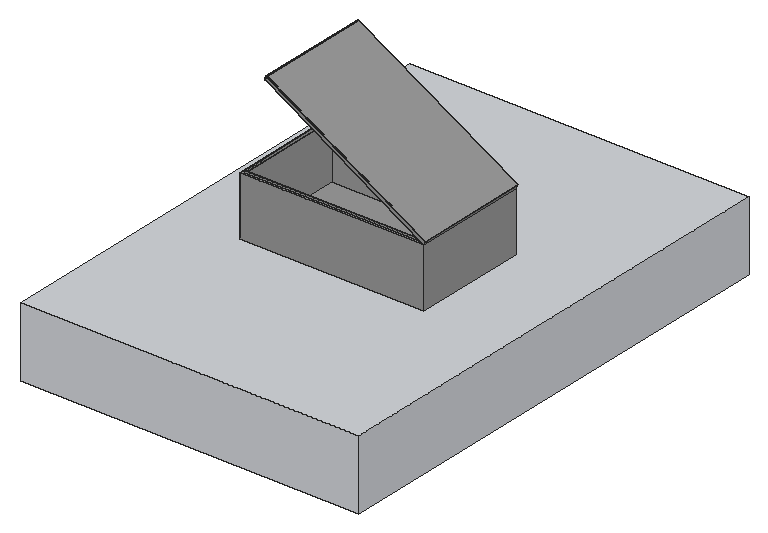
Revit family "Hager-Univers-IP55-D275-H500-Cl.II-Steel_encl-DE-de", category Equipement électrique, Revit 2020
Family settings
  Hôte = Face
  Configuration du panneau = Deux colonnes, circuits au sein
  Cote de connecteur circulaire = Utiliser le diamètre
  Type d'élément = Tableau de raccordement
  Couper avec des vides une fois chargée = Non
  Partagée = Non
  Point de calcul de pièce = Non
Parameters (values of type "Aufputz IP55 B800 H500 T275  - FR33S")
  Width Control [instance] = if([EF000008 - Breite] > Min Width, [EF000008 - Breite], Min Width)  # 800 mm
  Commentaires du type = [HG000003 - Bereich]  # "Univers"
  Thickness Door [instance] = if([EF009171 - Materialstärke Tür/Deckel] > 3 mm, 3 mm, [EF009171 - Materialstärke Tür/Deckel])  # 1.5 mm
  Seal Frame Offset [instance] = 17 mm  # constant formula
  Plinth Visibility [instance] = [HG000027 - Sockelhöhe] > 0 mm  # no
  Model = ""
  Min Width [instance] = 100 mm  # constant formula
  Min Height [instance] = 100 mm  # constant formula
  Min Depth [instance] = (2 * [EF009170 - Materialstärke Gehäuse]) + 1 mm  # 4 mm
  Internal Frame Depth [instance] = (Door System Depth * 0.5)  # 9 mm
  Height Control [instance] = if([EF000040 - Höhe] > Min Height, [EF000040 - Höhe], Min Height)  # 500 mm
  HG000027 - Sockelhöhe = 0 mm
  HG000026 - Stehend auf dem Boden = no
  HG000024 - Höhe des unteren Teils = 800 mm
  HG000023 - Gehäuse mit doppeltem Querschnitt = no
  HG000016 - 3D-Türsichtbarkeit [instance] = yes
  HG000015 - Sichtbarkeit der Türöffnung [instance] = no
  HG000014 - Tür rechts [instance] = yes
  HG000013 - Tür links [instance] = not([HG000014 - Tür rechts])  # no
  HG000012 - Türschwenkwinkel [instance] = 30.00°
  HG000010 - Asymmetrische Türen = no
  HG000009 - Doppelflügeligen Tür = no
  HG000006 - Unterputz = no
  HG000004 - Herstellerreferenz = "FR33S"
  HG000003 - Bereich = "Univers"
  HG000002 - Mit tür = yes
  Frame Offset Bottom [instance] = 10 mm  # constant formula
  Frame Offset [instance] = 15 mm  # constant formula
  EF015940 - Deckel mit Überdruckentlastung = no
  EF011959 - Schutzart (NEMA) = ""
  EF009554 - Anzahl der Öffnungen für Flanschplatten = 6
  Fabricant = "Hager"  # constant formula
  EF009212 - Ausführung Deckel = "EV000116 - geschlossen"
  EF009171 - Materialstärke Tür/Deckel = 1.5 mm
  EF009170 - Materialstärke Gehäuse = 1.5 mm
  EF008873 - Nennstrom (In) = 800 A
  EF007800 - Geeignet für Blitzschutz = no
  EF006306 - Mit Schloss = no
  EF006244 - Transparenter Deckel/Tür = no
  EF005474 - Schutzart (IP) = "EV006420 - IP55"
  EF004464 - Art der Tür = "EV002646 - Einzel"
  EF004427 - Anzahl der Module = 108
  EF004293 - Schlagfestigkeit = "EV008784 - IK10"
  EF003532 - Geeignet für Außengebrauch = no
  EF002950 - Breite in Teilungseinheiten = 24
  EF001613 - Funktionserhalt = "EV000494 - ohne"
  EF001596 - Werkstoff des Gehäuses = "EV000179 - Stahl"
  EF001131 - Innentiefe = 275 mm
  EF001088 - Anbaumöglichkeit = yes
  EF000437 - Anzahl der Leitungseinführungen = 6
  EF000339 - Art der Abdeckung = "EV004216 - Tür"
  EF000266 - Anzahl der Reihen = 3
  EF000218 - Einbautiefe = 0 mm
  EF000118 - Mit Montageplatte = no
  EF000116 - RAL-Nummer = "7035"
  EF000049 - Tiefe = 275 mm
  EF000040 - Höhe = 500 mm
  EF000008 - Breite = 800 mm
  EF000007 - Farbe = "EV000270 - grau"
  EF000003 - Montageart = "EV000384 - Aufputz"
  Door System Leaf Tolerance [instance] = 1.5 mm  # constant formula
  Door System Depth [instance] = 18 mm  # constant formula
  Door Height [instance] = Height Control - [HG000027 - Sockelhöhe]  # 500 mm
  Depth Control [instance] = if([EF000049 - Tiefe] > Min Depth, [EF000049 - Tiefe], Min Depth)  # 275 mm
  Default Elevation = 0 mm
  Connector Offset [instance] = Height Control / 2  # 250 mm
  Bottom Top Plate Trim [instance] = 1.5 mm  # constant formula
  Plinth height Ctrl [instance] = if([HG000027 - Sockelhöhe] > 0 mm, [HG000027 - Sockelhöhe], 12 mm)  # 12 mm
Types (5, lengths in mm): name | Width Control | HG000010 - Asymmetrische Türen | HG000009 - Doppelflügeligen Tür | HG000004 - Herstellerreferenz | EF009554 - Anzahl der Öffnungen für Flanschplatten | EF004464 - Art der Tür | EF004427 - Anzahl der Module | EF000437 - Anzahl der Leitungseinführungen | EF000008 - Breite
  Aufputz IP55 B1050 H500 T275  - FR34S | 1050 | no | yes | "FR34S" | 8 | "EV003602 - Doppel" | 144 | 8 | 1050
  Aufputz IP55 B1300 H500 T275  - FR35S | 1300 | yes | yes | "FR35S" | 10 | "EV003602 - Doppel" | 180 | 10 | 1300
  Aufputz IP55 B300 H500 T275  - FR31S | 300 | no | no | "FR31S" | 2 | "EV002646 - Einzel" | 36 | 2 | 300
  Aufputz IP55 B550 H500 T275  - FR32S | 550 | no | no | "FR32S" | 4 | "EV002646 - Einzel" | 72 | 4 | 550
  Aufputz IP55 B800 H500 T275  - FR33S | 800 | no | no | "FR33S" | 6 | "EV002646 - Einzel" | 108 | 6 | 800
Reference planes
  plane 1 "Center (Front/Back)": y = 0
  plane 2: z = 0
  plane 3 "Center (Left/Right)": x = 0
  plane 4: z = 275
  plane 5: y = 1.5
  plane 6: y = 250
  plane 7: y = 0
  plane 8: y = 500
  plane 9: z = 0
  plane 10: x = -385
  plane 11: x = 385
  plane 12: x = 383.5
  plane 13: x = -383.5
  plane 14: y = 498.5
  plane 15: x = -383
  plane 16: x = -400
  plane 17: x = 383
  plane 18: x = 400
  plane 19: x = 398.5
  plane 20: x = -398.5
  plane 21: y = 11.5
  plane 22: y = 500
  plane 23: y = 483.5
  plane 24: z = 257
  plane 25: z = 1.5
  plane 26: z = 255.5
  plane 27: z = 273.5
Forms (mm)
  Extrusion 1, solid
    sketch origin (0, 0, 0) x (1, 0, 0) y (0, 1, 0)
      loop
        line (-702.964, 1305) -> (-702.964, -811.445) -> (766.763, -811.445) -> (766.763, 1305) -> (-702.964, 1305)
    from 0 to -304.8
  Extrusion 2, solid, material "Hager_Steel_RAL7035_Light_Grey", visible <- "Plinth Visibility", detail levels medium+fine
    sketch origin (0, 0, 0) x (1, 0, 0) y (0, 1, 0)
      loop
        line (-400, 0) -> (400, 0) -> (400, 12) -> (-400, 12) -> (-400, 0)
    from 0 to 257
  Extrusion 3, solid, material "Hager_Steel_RAL7035_Light_Grey", detail levels medium+fine
    sketch origin (0, 0, 0) x (1, 0, 0) y (0, 1, 0)
      loop
        line (-400, 0) -> (400, 0) -> (400, 500) -> (-400, 500) -> (-400, 0)
    from 0 to 257
  Extrusion 4, void
    sketch origin (0, 0, 0) x (1, 0, 0) y (0, 1, 0)
      loop
        line (-398.5, 1.5) -> (398.5, 1.5) -> (398.5, 498.5) -> (-398.5, 498.5) -> (-398.5, 1.5)
    from 1.5 to 255.5
  Extrusion 5, void
    sketch origin (-381.607, -4572, 257) x (0, -1, 0) y (-1, 0, 0)
      loop
        line (-4583.5, 1.893) -> (-5055.5, 1.893) -> (-5055.5, -765.107) -> (-4583.5, -765.107) -> (-4583.5, 1.893)
    from 0 to 1.5 <- "EF009170 - Materialstärke Gehäuse"
  Extrusion 6, solid, material "Hager_Steel_RAL7035_Light_Grey", detail levels fine
    sketch origin (0, 0, 257) x (1, 0, 0) y (0, 1, 0)
      loop
        line (-383.5, 483.5) -> (-383.5, 11.5) -> (383.5, 11.5) -> (383.5, 483.5) -> (-383.5, 483.5)
      loop
        line (-385, 10) -> (385, 10) -> (385, 485) -> (-385, 485) -> (-385, 10)
    from 0 to 9 <- "Internal Frame Depth"
  Extrusion 7, solid, material "Hager_Steel_RAL7035_Light_Grey", detail levels coarse
    sketch origin (0, 0, 0) x (1, 0, 0) y (0, 1, 0)
      loop
        line (-400, 0) -> (400, 0) -> (400, 500) -> (-400, 500) -> (-400, 0)
    from 0 to 275
  Sweep 8, void
    path in 3D
      loop
        line (-400, 12, 0) -> (400, 12, 0) -> (400, 12, 257) -> (-400, 12, 257) -> (-400, 12, 0)
    profile origin (-400, 12, 128.5) x (-1, 0, 0) y (0, -1, 0)
      loop
        line (0, 0) -> (0, 1.5) -> (-1.5, 1.5)
        arc (-1.5, 1.5) -> (-1.061, 0.439) -> (0, 0) r 1.5
Cuts and joins
  Extrusion 4, Extrusion 5 cuts Extrusion 3
  Sweep 8 cuts Extrusion 2
Lines and regions (mm)
  Masking region 1
    outline origin (0, 0, 0) x (1, 0, 0) y (0, 0, 1)
      loop
        line (-400, 275) -> (-400, 0) -> (400, 0) -> (400, 275) -> (-400, 275)
  Masking region 2, detail levels medium+fine
    outline origin (0, 140, 0) x (0, 1, 0) y (0, 0, 1)
      loop
        line (-140, 0) -> (360, 0) -> (360, 257) -> (-140, 257) -> (-140, 0)
  Masking region 3, not visible, detail levels medium+fine
    outline origin (0, 297.922, 0) x (0, 1, 0) y (0, 0, 1)
      loop
        line (-36.422, 0) -> (3.578, 0) -> (3.578, 263.5)
        arc (3.578, 263.5) -> (0.649, 270.571) -> (-6.422, 273.5) r 10
        line (-6.422, 273.5) -> (-36.422, 273.5) -> (-36.422, 0)
  Masking region 4, detail levels coarse
    outline origin (0, 0, 180) x (0, 1, 0) y (0, 0, 1)
      loop
        line (0, -180) -> (500, -180) -> (500, 95) -> (0, 95) -> (0, -180)
  Masking region 5, visible <- "Plinth Visibility", detail levels medium+fine
    outline origin (0, 52.24, 12.345) x (0, 0, -1) y (0, 1, 0)
      loop
        line (10.845, -40.24) -> (-243.155, -40.24)
        arc (-243.155, -40.24) -> (-243.594, -41.301) -> (-244.655, -41.74) r 1.5
        line (-244.655, -41.74) -> (-244.655, -52.24) -> (12.345, -52.24) -> (12.345, -41.74)
        arc (12.345, -41.74) -> (11.285, -41.301) -> (10.845, -40.24) r 1.5
  Masking region 6, detail levels medium+fine
    outline origin (-381.607, -4572, 257) x (-1, 0, 0) y (0, -1, 0)
      loop
        line (18.393, -5072) -> (18.393, -4572) -> (-781.607, -4572) -> (-781.607, -5072) -> (18.393, -5072)
  Masking region 7, visible <- "Plinth Visibility", detail levels medium+fine
    outline origin (-381.607, -4727, 257) x (-1, 0, 0) y (0, -1, 0)
      loop
        arc (16.893, -4739) -> (17.332, -4737.939) -> (18.393, -4737.5) r 1.5
        line (18.393, -4737.5) -> (18.393, -4727) -> (-781.607, -4727) -> (-781.607, -4737.5)
        arc (-781.607, -4737.5) -> (-780.546, -4737.939) -> (-780.107, -4739) r 1.5
        line (-780.107, -4739) -> (16.893, -4739)
  Masking region 8, detail levels coarse
    outline origin (-442.548, -4669.526, 257) x (-1, 0, 0) y (0, -1, 0)
      loop
        line (-42.548, -5169.526) -> (-42.548, -4669.526) -> (-842.548, -4669.526) -> (-842.548, -5169.526) -> (-42.548, -5169.526)
  sketch lines
    curve 1: line (-400, 12, 257) -> (-400, 12, 0)
    curve 2: line (400, 12, 257) -> (-400, 12, 257)
    curve 3: line (400, 12, 257) -> (400, 12, 0)
    curve 4: line (-400, 12, 0) -> (400, 12, 0)
Dimensions and locks
  "Depth Control": plane 4 to Extrusion 1
  "HG000027 - Sockelhöhe": plane 1 "Center (Front/Back)" to plane 7
  "EF009170 - Materialstärke Gehäuse": plane 5 to plane 7
  locked: connector elem to plane 3 "Center (Left/Right)"
  equal spacing: plane 8, plane 6, plane 7
  locked: connector elem to plane 6
  "EF009170 - Materialstärke Gehäuse": plane 8 to plane 14
  "EF009170 - Materialstärke Gehäuse": plane 10 to plane 13
  "EF009170 - Materialstärke Gehäuse": plane 12 to plane 11
  "Frame Offset": plane 20 to plane 13
  "Frame Offset": plane 12 to plane 19
  "EF009170 - Materialstärke Gehäuse": plane 16 to plane 20
  "EF009170 - Materialstärke Gehäuse": plane 19 to plane 18
  "Seal Frame Offset": plane 16 to plane 15
  "Seal Frame Offset": plane 17 to plane 18
  "Frame Offset Bottom": plane 21 to plane 5
  "Frame Offset": plane 14 to plane 23
  equal spacing: plane 16, plane 3 "Center (Left/Right)", plane 18
  "Width Control": plane 16 to plane 18
  "EF009170 - Materialstärke Gehäuse": plane 4 to plane 27
  "EF009170 - Materialstärke Gehäuse": plane 24 to plane 26
  "EF009170 - Materialstärke Gehäuse": plane 25 to level
  "Door System Depth": plane 4 to plane 24
  "Height Control": plane 1 "Center (Front/Back)" to Extrusion 7 sketch curve
  "Height Control": Masking region 4 sketch curve to plane 1 "Center (Front/Back)"
  "Height Control": plane 1 "Center (Front/Back)" to plane 22
  "Bottom Top Plate Trim": profile plane to Sweep 8 sketch curve
  "Bottom Top Plate Trim": Sweep 8 sketch curve to profile plane
  "Plinth height Ctrl": plane 1 "Center (Front/Back)" to Extrusion 2 sketch curve
  "Plinth height Ctrl": Masking region 5 sketch curve to plane 1 "Center (Front/Back)"
  "Plinth height Ctrl": plane 1 "Center (Front/Back)" to Masking region 7 sketch curve
  "Thickness Door": Extrusion 6 sketch curve to Extrusion 6 sketch curve  (x3)
  "Thickness Door": cut or joined group of Extrusion 3, Extrusion 4, Extrusion 5 to Extrusion 6 sketch curve
  radius of Masking region 3 sketch curve = 10 mm
  "Bottom Top Plate Trim": radius of Masking region 5 sketch curve  (x2)
  "Bottom Top Plate Trim": radius of Sweep 8 sketch curve
  "Bottom Top Plate Trim": radius of Masking region 7 sketch curve  (x2)
  aligned and locked: plane 2 to Extrusion 1
  aligned and locked: level to Extrusion 1
  aligned and locked: level to Masking region 1 sketch curve
  aligned and locked: Masking region 1 sketch curve to plane 18
  aligned and locked: Masking region 1 sketch curve to plane 16
  aligned and locked: plane 7 to Masking region 2 sketch curve
  aligned and locked: level to Masking region 3 sketch curve
  aligned and locked: Masking region 3 sketch curve to plane 27
  aligned and locked: level to Masking region 2 sketch curve
  aligned and locked: plane 1 "Center (Front/Back)" to Extrusion 2 sketch curve
  aligned and locked: Extrusion 3 sketch curve to plane 7
  aligned and locked: plane 16 to Extrusion 3 sketch curve
  aligned and locked: plane 18 to Extrusion 3 sketch curve
  aligned and locked: plane 20 to Extrusion 4 sketch curve
  aligned and locked: plane 19 to Extrusion 4 sketch curve
  aligned and locked: Extrusion 4 sketch curve to plane 5
  aligned and locked: Extrusion 4 to plane 25
  aligned and locked: plane 26 to Extrusion 4
  aligned and locked: plane 24 to Extrusion 3
  aligned and locked: Extrusion 5 sketch curve to plane 21
  aligned and locked: Extrusion 5 sketch curve to plane 13
  aligned and locked: Extrusion 5 sketch curve to plane 12
  aligned and locked: plane 18 to Extrusion 7 sketch curve
  aligned and locked: plane 1 "Center (Front/Back)" to Extrusion 7 sketch curve
  aligned and locked: plane 16 to Extrusion 7 sketch curve
  aligned and locked: plane 4 to Extrusion 7
  aligned and locked: Extrusion 7 to level
  aligned and locked: level to Masking region 4 sketch curve
  aligned and locked: Masking region 4 sketch curve to plane 1 "Center (Front/Back)"
  aligned and locked: Masking region 4 sketch curve to plane 4
  aligned and locked: nested 1 to level
  aligned and locked: nested 1 to plane 16
  aligned and locked: plane 8 to Extrusion 3 sketch curve
  aligned and locked: plane 23 to Extrusion 5 sketch curve
  aligned and locked: plane 14 to Extrusion 4 sketch curve
  aligned and locked: Masking region 2 sketch curve to plane 8
  aligned and locked: level to Masking region 5 sketch curve
  aligned and locked: plane 16 to Extrusion 2 sketch curve
  aligned and locked: plane 18 to Extrusion 2 sketch curve
  aligned and locked: Masking region 5 sketch curve to plane 24
  aligned and locked: Masking region 2 sketch curve to plane 24
  aligned and locked: plane 24 to Extrusion 2
  aligned and locked: profile plane to Sweep 8 sketch curve  (x2)
  aligned and locked: Masking region 6 sketch curve to plane 18
  aligned and locked: Masking region 6 sketch curve to plane 22
  aligned and locked: Masking region 6 sketch curve to plane 16
  aligned and locked: plane 8 to plane 22
  aligned and locked: Masking region 6 sketch curve to plane 7
  aligned and locked: Masking region 7 sketch curve to plane 16
  aligned and locked: Masking region 7 sketch curve to plane 1 "Center (Front/Back)"
  aligned and locked: Masking region 7 sketch curve to plane 18
  aligned and locked: Masking region 8 sketch curve to plane 1 "Center (Front/Back)"
  aligned and locked: Masking region 8 sketch curve to plane 18
  aligned and locked: Masking region 8 sketch curve to plane 22
  aligned and locked: Masking region 8 sketch curve to plane 16
  aligned and locked: nested 2 to plane 7
  aligned and locked: plane 3 "Center (Left/Right)" to nested 2
  aligned and locked: nested 2 to plane 24
  aligned and locked: Extrusion 6 sketch curve to cut or joined group of Extrusion 3, Extrusion 4, Extrusion 5  (x4)
Automatic sketch dimensions
  Extrusion 1 sketch curve to Extrusion 1 sketch curve = 1469.727 mm
  Extrusion 1 sketch curve to Extrusion 1 sketch curve = 2116.445 mm
  Masking region 1 sketch curve to plane 4 = 0 mm
  plane 6 to Masking region 3 sketch curve = 11.5 mm
  Masking region 3 sketch curve to Masking region 3 sketch curve = 30 mm
  Masking region 5 sketch curve to plane 1 "Center (Front/Back)" = 0 mm
Nested families
  nested 1: "Hager_Enclosure_Symbol" at (-400, 0, 0) x (1, 0, 0) z (0, -1, 0), Height <- "Depth Control", Width <- "Width Control", type "Hager_Enclosure_Symbol"
    with Width_Ctrl 800 mm, Width 800 mm, Height_Ctrl 275 mm, Height 275 mm, A_Width_Int 18.047 mm, A_Width 216.562 mm, A_Height_Ctrl 240.625 mm, A_Height 240.625 mm
  nested 2: "EC000058_Univers_Door" at (0, 0, 257) x (1, 0, 0) z (0, 1, 0), Leaf_Tolerance <- "Door System Leaf Tolerance", Angle <- "HG000012 - Türschwenkwinkel", Door_Depth <- "Door System Depth", Door_Left <- "HG000013 - Tür links", Transparent <- "EF006244 - Transparenter Deckel/Tür", Assymetrical <- "HG000010 - Asymmetrische Türen", Width <- "Width Control", Clearance <- "HG000015 - Sichtbarkeit der Türöffnung", Double <- "HG000009 - Doppelflügeligen Tür", 3d_Door <- "HG000016 - 3D-Türsichtbarkeit", Lock_Visibility <- "EF006306 - Mit Schloss", Width_Ctrl <- "Width Control", Door_Right <- "HG000014 - Tür rechts", Door <- "HG000002 - Mit tür", Height <- "Door Height", Thickness <- "Thickness Door", type "EC000058_Univers_Door", detail levels medium+fine
    with min_wh 4 mm, Width_Ctrl 800 mm, Width 800 mm, Transparent no, Thickness 1.5 mm, Seal_Material Hager_Rubber, Lock_Visibility no, Lock_Material Hager_Plastic_RAL9005_Jet_Black, Leaf_Width 800 mm, Leaf_Tolerance_External_Sides 0 mm, Leaf_Tolerance 1.5 mm, Leaf_Offset 0 mm, Leaf_Height 497 mm, Leaf_2_Width 800 mm, Leaf_2_Offset 400 mm, Leaf_1_Width 800 mm, Leaf_1_Offset 400 mm, Height_Ctrl 500 mm, Height 500 mm, Glass_Material Hager_Glass, Double_Clearance_Ctrl no, Double no, Door_Right_Ctrl yes, Door_Right yes, Door_Material Hager_Steel_RAL7035_Light_Grey, Door_Left_Ctrl no, Door_Left no, Door_Depth 18 mm, Door yes, Clearance_Material Hager_Clearance, Clearance_Depth 800 mm, Clearance_Ctrl no, Clearance no, Assymetrical no, Angle 30.00°, 3d_Door yes
Connectors
  electrical at (0, 250, 0)
    settings: on plane 9, index 1, voltage 0 V, apparent load 0 VA, apparent load phase1 0 VA, apparent load phase2 0 VA, apparent load phase3 0 VA, power factor 1, load classification "Other", number of poles 1, system type 30, power factor state 1, is connector primary yes, connector utility no, sub classification motor no, connector description ""
Definition of nested family "EC000058_Univers_Door"
  Parameters (values of type "EC000058_Univers_Door")
    min_wh [instance] = (2 * Thickness) + 1 mm  # 11 mm
    Width_Ctrl [instance] = 400 mm
    Width [instance] = 500 mm
    Transparent [instance] = yes
    Thickness [instance] = 5 mm
    Seal_Material [instance] = none
    Lock_Visibility [instance] = yes
    Lock_Material [instance] = none
    Leaf_Width [instance] = if((Width_Ctrl - 2 * Leaf_Tolerance_External_Sides) > 0 mm, (Width_Ctrl - 2 * Leaf_Tolerance_External_Sides), min_wh)  # 400 mm
    Leaf_Tolerance_External_Sides [instance] = 0 mm  # constant formula
    Leaf_Tolerance [instance] = 1.5 mm
    Leaf_Offset [instance] = 0 mm  # constant formula
    Leaf_Height [instance] = if((Height_Ctrl - 2 * Leaf_Tolerance) > 0 mm, (Height_Ctrl - 2 * Leaf_Tolerance), min_wh)  # 497 mm
    Leaf_2_Width [instance] = if(and(and(Double, Assymetrical), Door_Left), (Leaf_Width / 3) - (Leaf_Tolerance / 2), if(and(and(Double, Assymetrical), Door_Right), (Leaf_Width / 3) * 2 - (Leaf_Tolerance / 2), if(and(Double, not(Assymetrical)), (Leaf_Width / 2) - Leaf_Tolerance, Leaf_Width)))  # 400 mm
    Leaf_2_Offset [instance] = if(and(Double, Assymetrical), Leaf_2_Width / 2, if(and(Double, not(Assymetrical)), Leaf_Width / 4, Leaf_Width / 2))  # 200 mm
    Leaf_1_Width [instance] = if(and(and(Double, Assymetrical), Door_Right), (Leaf_Width / 3) - (Leaf_Tolerance / 2), if(and(and(Double, Assymetrical), Door_Left), (Width / 3) * 2 - (Leaf_Tolerance / 2), if(and(Double, not(Assymetrical)), (Leaf_Width / 2) - Leaf_Tolerance, Leaf_Width)))  # 400 mm
    Leaf_1_Offset [instance] = if(and(Double, Assymetrical), Leaf_1_Width / 2, if(and(Double, not(Assymetrical)), Leaf_Width / 4, Leaf_Width / 2))  # 200 mm
    Height_Ctrl [instance] = if(Height > min_wh, Height, min_wh)  # 500 mm
    Height [instance] = 500 mm
    Glass_Material [instance] = none
    Double_Clearance_Ctrl [instance] = and(Double, Clearance)  # no
    Double [instance] = no
    Door_Right_Ctrl [instance] = and(or(Door_Right, Double), Door)  # yes
    Door_Right [instance] = yes
    Door_Material [instance] = none
    Door_Left_Ctrl [instance] = and(or(Door_Left, Double), Door)  # no
    Door_Left [instance] = no
    Door_Depth [instance] = 30 mm
    Door [instance] = yes
    Default Elevation = 1219.2 mm
    Clearance_Material [instance] = none
    Clearance_Depth [instance] = if(Leaf_1_Width > Leaf_2_Width, Leaf_1_Width, Leaf_2_Width)  # 400 mm
    Clearance_Ctrl [instance] = and(not(Double), Clearance)  # yes
    Clearance [instance] = yes
    Assymetrical [instance] = yes
    Angle [instance] = 30.00°
    3d_Door [instance] = yes
  Reference planes
    plane 1 "Center (Front/Back)": y = 0
    plane 2 "Bottom": z = 0
    plane 3 "Center (Left/Right)": x = 0
    plane 4: z = 500
    plane 5: x = -200
    plane 6: x = 200
    plane 7: z = 500
    plane 8: x = -200
    plane 9: z = 0
    plane 10: x = 200
    plane 11: y = 0
    plane 12: z = 1.5
    plane 13: x = -600
    plane 14: y = -400
    plane 15: x = 600
    plane 16: x = 0
    plane 17: x = 0
    plane 18: x = -200
    plane 19: x = 200
    plane 20: z = 498.5
  Forms (mm)
    Extrusion 1, solid, material <- "Clearance_Material", visible <- "Double_Clearance_Ctrl"
      sketch origin (1200, 0, 0) x (1, 0, 0) y (0, 0, -1)
        loop
          line (-1800, -498.5) -> (-600, -498.5) -> (-600, 0) -> (-1800, 0) -> (-1800, -498.5)
      from 0 to -400
  Dimensions and locks
    equal spacing: plane 5, plane 3 "Center (Left/Right)", plane 6
    "Width_Ctrl": plane 5 to plane 6
    "Leaf_Offset": plane 5 to plane 8
    "Leaf_Offset": plane 6 to plane 10
    "Leaf_Offset": plane 9 to level
    "Leaf_Offset": plane 4 to plane 7
    "Height_Ctrl": plane 4 to level
    "Leaf_Tolerance": plane 12 to plane 9
    locked: plane 11 to plane 1 "Center (Front/Back)"
    "Leaf_1_Offset": plane 18 to plane 16
    "Leaf_2_Offset": plane 17 to plane 19
    "Leaf_1_Width": plane 13 to plane 8
    "Leaf_2_Width": plane 10 to plane 15
    "Clearance_Depth": plane 14 to plane 1 "Center (Front/Back)"
    "Leaf_Tolerance_External_Sides": plane 8 to plane 18
    "Leaf_Tolerance_External_Sides": plane 19 to plane 10
    "Leaf_Tolerance": plane 7 to plane 20
    aligned and locked: level to plane 2 "Bottom"
    aligned and locked: nested 1 to plane 16
    aligned and locked: nested 2 to plane 17
    aligned and locked: Extrusion 1 to plane 13
    aligned and locked: plane 15 to Extrusion 1
    aligned and locked: Extrusion 1 to plane 14
    aligned and locked: plane 12 to nested 1
    aligned and locked: nested 2 to plane 12
    aligned and locked: Extrusion 1 to plane 11
    aligned and locked: plane 20 to Extrusion 1
    aligned and locked: nested 2 to plane 11
    aligned and locked: nested 1 to plane 11
  Automatic sketch dimensions
    Extrusion 1 sketch curve to level = 0 mm
    plane 5 to Extrusion 1 sketch curve = 400 mm
    plane 6 to Extrusion 1 sketch curve = 400 mm
    Extrusion 1 sketch curve to plane 4 = 1.5 mm
  Nested families
    nested 1: "EC000058_Univers_Door_Leaf" at (0, 0, 1.5), Width <- "Leaf_1_Width", visible <- "Door_Left_Ctrl", Leaf_Height <- "Leaf_Height", Angle <- "Angle", 3d_Door <- "3d_Door", Transparent <- "Transparent", Clearance Material <- "Clearance_Material", Clearance <- "Clearance_Ctrl", Door_Material <- "Door_Material", Glass_Material <- "Glass_Material", Door_Depth <- "Door_Depth", Lock_Material <- "Lock_Material", Seal_Material <- "Seal_Material", Lock_Visibility <- "Lock_Visibility", Thickness <- "Thickness", type "EC000058_Univers_Door_Leaf"
      with Width 400 mm, Transparent_Glass_Offset 30 mm, Transparent_Ctrl yes, Transparent yes, Thickness 5 mm, Standard no, Seal_Material none, Seal_D2 8 mm, Seal_D1 1 mm, Offset_Internal_Frame 10 mm, Lock_Width 20 mm, Lock_Visibility_3d yes, Lock_Visibility yes, Lock_Thickness_3 3 mm, Lock_Thickness_2 1 mm, Lock_Thickness_1 3 mm, Lock_Radius_Offset_2 16 mm, Lock_Radius_Offset_1 15 mm, Lock_Radius_2 5 mm, Lock_Radius 6 mm, Lock_Offset 5 mm, Lock_Material none, Lock_Height 80 mm, Lock_Cover_Top_Offset_2d 17 mm, Lock_Cover_Height -65 mm, Leaf_Height 497 mm, Internal_Seal_Thickness 8 mm, Internal_Seal_Depth_2 4.5 mm, Internal_Frame_Depth 25 mm, Glass_Thickness -1 mm, Glass_Offset -2 mm, Glass_Material none, Door_Material none, Door_Depth 30 mm, Clearance Material none, Clearance yes, Angle_Ctrl 30.00°, Angle 30.00°, 3d_Door yes
    nested 2: "EC000058_Univers_Door_Leaf" at (0, 0, 1.5) x (-1, 0, 0) z (0, 0, 1), Width <- "Leaf_2_Width", visible <- "Door_Right_Ctrl", Leaf_Height <- "Leaf_Height", Angle <- "Angle", 3d_Door <- "3d_Door", Transparent <- "Transparent", Clearance Material <- "Clearance_Material", Clearance <- "Clearance_Ctrl", Door_Material <- "Door_Material", Glass_Material <- "Glass_Material", Door_Depth <- "Door_Depth", Lock_Material <- "Lock_Material", Seal_Material <- "Seal_Material", Lock_Visibility <- "Lock_Visibility", Thickness <- "Thickness", type "EC000058_Univers_Door_Leaf"
      with Width 400 mm, Transparent_Glass_Offset 30 mm, Transparent_Ctrl yes, Transparent yes, Thickness 5 mm, Standard no, Seal_Material none, Seal_D2 8 mm, Seal_D1 1 mm, Offset_Internal_Frame 10 mm, Lock_Width 20 mm, Lock_Visibility_3d yes, Lock_Visibility yes, Lock_Thickness_3 3 mm, Lock_Thickness_2 1 mm, Lock_Thickness_1 3 mm, Lock_Radius_Offset_2 16 mm, Lock_Radius_Offset_1 15 mm, Lock_Radius_2 5 mm, Lock_Radius 6 mm, Lock_Offset 5 mm, Lock_Material none, Lock_Height 80 mm, Lock_Cover_Top_Offset_2d 17 mm, Lock_Cover_Height -65 mm, Leaf_Height 497 mm, Internal_Seal_Thickness 8 mm, Internal_Seal_Depth_2 4.5 mm, Internal_Frame_Depth 25 mm, Glass_Thickness -1 mm, Glass_Offset -2 mm, Glass_Material none, Door_Material none, Door_Depth 30 mm, Clearance Material none, Clearance yes, Angle_Ctrl 30.00°, Angle 30.00°, 3d_Door yes
  Definition of nested family "EC000058_Univers_Door_Leaf"
    Parameters (values of type "EC000058_Univers_Door_Leaf")
      Width [instance] = 2000 mm
      Transparent_Glass_Offset [instance] = 30 mm
      Transparent_Ctrl [instance] = and(Transparent, [3d_Door])  # yes
      Transparent [instance] = yes
      Thickness [instance] = 5 mm
      Standard [instance] = and(not(Transparent), [3d_Door])  # no
      Seal_Material [instance] = none
      Seal_D2 [instance] = 8 mm  # constant formula
      Seal_D1 [instance] = 1 mm  # constant formula
      Offset_Internal_Frame [instance] = 10 mm  # constant formula
      Lock_Width [instance] = 20 mm  # constant formula
      Lock_Visibility_3d [instance] = and(Lock_Visibility, [3d_Door])  # yes
      Lock_Visibility [instance] = yes
      Lock_Thickness_3 [instance] = 3 mm  # constant formula
      Lock_Thickness_2 [instance] = 1 mm  # constant formula
      Lock_Thickness_1 [instance] = 3 mm  # constant formula
      Lock_Radius_Offset_2 [instance] = Lock_Radius_Offset_1 + 1 mm  # 16 mm
      Lock_Radius_Offset_1 [instance] = 15 mm  # constant formula
      Lock_Radius_2 [instance] = Lock_Radius - 1 mm  # 5 mm
      Lock_Radius [instance] = 6 mm  # constant formula
      Lock_Offset [instance] = 5 mm  # constant formula
      Lock_Material [instance] = none
      Lock_Height [instance] = 80 mm  # constant formula
      Lock_Cover_Top_Offset_2d [instance] = Lock_Radius_Offset_2 + 1 mm  # 17 mm
      Lock_Cover_Height [instance] = -(Lock_Height - Lock_Radius_Offset_1)  # -65 mm
      Leaf_Height [instance] = 2720.336 mm
      Internal_Seal_Thickness [instance] = 8 mm  # constant formula
      Internal_Seal_Depth_2 [instance] = 4.5 mm  # constant formula
      Internal_Frame_Depth [instance] = if(Door_Depth - Thickness > 5 mm, Door_Depth - Thickness, 5 mm)  # 25 mm
      Glass_Thickness [instance] = if(Thickness > 15 mm, Glass_Offset + 10 mm, -1 mm)  # -1 mm
      Glass_Offset [instance] = if(Thickness > 15 mm, -(Thickness + 10 mm) / 2, -2 mm)  # -2 mm
      Glass_Material [instance] = none
      Door_Material [instance] = none
      Door_Depth [instance] = 30 mm
      Default Elevation = 0 mm
      Clearance Material [instance] = none
      Clearance [instance] = yes
      Angle_Ctrl [instance] = if(Angle > 180.00°, 180.00°, Angle)  # 90.00°
      Angle [instance] = 90.00°
      3d_Door [instance] = yes
    Reference planes
      plane 1 "Center (Front/Back)": y = 0
      plane 2: z = 0
      plane 3 "Center (Left/Right)": x = 0
      plane 4: y = 2000
      plane 5: x = -1000
      plane 6: x = 1000
      plane 7: x = -3000
      plane 8: z = 2720.336
      plane 9: z = 30
      plane 10: z = 2690.336
      plane 11: x = 970
      plane 12: x = -970
      plane 13: y = -3
      plane 14: z = 107.833
      plane 15: y = -5
      plane 16: y = -223.314
      plane 17: x = -1000
      plane 18: z = 1360.168
      plane 19: y = 30
    Forms (mm)
      Extrusion 1, solid, material <- "Clearance Material", visible <- "Clearance"
        sketch origin (0, 0, 0) x (1, 0, 0) y (0, 0, 1)
          loop
            line (-3000, 2720.336) -> (-3000, 0) -> (1000, 0) -> (1000, 2720.336) -> (-3000, 2720.336)
        from 0 to -2000
      Extrusion 2, solid, material <- "Door_Material", visible <- "Standard", detail levels medium+fine
        sketch origin (-1000, 0, 0) x (0, 1, 0) y (-1, 0, 0)
          loop
            line (0, 30) -> (0, 25) -> (2000, 25) -> (2000, 30) -> (0, 30)
        from 0 to 2720.336 <- "Leaf_Height"
      Extrusion 3, solid, material <- "Door_Material", visible <- "Transparent_Ctrl", detail levels medium+fine
        sketch origin (-1000, 0, 0) x (0, 1, 0) y (-1, 0, 0)
          loop
            line (0, 25) -> (2000, 25) -> (2000, 30) -> (0, 30) -> (0, 25)
        from 0 to 2720.336 <- "Leaf_Height"
      Extrusion 4, void
        sketch origin (-1025, 2000, 0) x (0, 1, 0) y (0, 0, -1)
          loop
            line (-30, -2690.336) -> (-30, -30) -> (-1970, -30) -> (-1970, -2690.336) -> (-30, -2690.336)
        from 0 to 5 <- "Thickness"
      Sweep 5, solid, material <- "Seal_Material", visible <- "Transparent_Ctrl", detail levels fine
        path in 3D
          loop
            line (-1025, 30, 30) -> (-1025, 30, 2690.336) -> (-1025, 1970, 2690.336) -> (-1025, 1970, 30) -> (-1025, 30, 30)
        profile origin (-1025, 1000, 30) x (1, 0, 0) y (0, 0, 1)
          loop
            line (0, 0) -> (0, -8) -> (1, -8) -> (1, 0) -> (0, 0)
      Extrusion 6, solid, material <- "Glass_Material", visible <- "Transparent_Ctrl", detail levels medium+fine
        sketch origin (-1030, 0, 0) x (0, 1, 0) y (0, 0, -1)
          loop
            line (1970, -2690.336) -> (1970, -30) -> (30, -30) -> (30, -2690.336) -> (1970, -2690.336)
        from -2 <- "Glass_Offset" to -1 <- "Glass_Thickness"
      Extrusion 7, solid, material <- "Door_Material", visible <- "3d_Door", detail levels medium+fine
        sketch origin (-1025, 2000, 0) x (0, -1, 0) y (0, 0, -1)
          loop
            line (0, -2720.336) -> (2000, -2720.336) -> (2000, 0) -> (0, 0) -> (0, -2720.336)
          loop
            line (1995, -5) -> (5, -5) -> (5, -2715.336) -> (1995, -2715.336) -> (1995, -5)
        from 0 to 25 <- "Internal_Frame_Depth"
      Sweep 8, solid, material <- "Seal_Material", visible <- "Transparent_Ctrl", detail levels fine
        path in 3D
          loop
            line (-1025, 0, 0) -> (-1025, 2000, 0) -> (-1025, 2000, 2720.336) -> (-1025, 0, 2720.336) -> (-1025, 0, 0)
        profile origin (-1025, 0, 1360.168) x (1, 0, 0) y (0, 1, 0)
          loop
            line (0, 10) -> (2.975, 10)
            arc (2.975, 10) -> (4.053, 10.447) -> (4.5, 11.525) r 1.525
            line (4.5, 11.525) -> (4.5, 16.527)
            arc (4.5, 16.527) -> (4.069, 17.569) -> (3.027, 18) r 1.473
            line (3.027, 18) -> (0, 18) -> (0, 10)
      Extrusion 9, solid, material <- "Lock_Material", visible <- "Lock_Visibility_3d", detail levels fine
        sketch origin (-1030, 0, 0) x (0, 1, 0) y (0, 0, -1)
          loop
            arc (1993.5, -1400.168) -> (1994.561, -1399.729) -> (1995, -1398.668) r 1.5
            line (1995, -1398.668) -> (1995, -1320.168) -> (1975, -1320.168) -> (1975, -1398.668)
            arc (1975, -1398.668) -> (1975.439, -1399.729) -> (1976.5, -1400.168) r 1.5
            line (1976.5, -1400.168) -> (1993.5, -1400.168)
        from 3 <- "Lock_Thickness_1" to 0
      Blend 10, solid, material <- "Lock_Material", visible <- "Lock_Visibility_3d", detail levels fine
        base sketch origin (-1033, 0, 0) x (0, 1, 0) y (0, 0, -1)
          loop
            line (1975, -1320.168) -> (1975, -1398.668)
            arc (1975, -1398.668) -> (1975.439, -1399.729) -> (1976.5, -1400.168) r 1.5
            line (1976.5, -1400.168) -> (1993.5, -1400.168)
            arc (1993.5, -1400.168) -> (1994.561, -1399.729) -> (1995, -1398.668) r 1.5
            line (1995, -1398.668) -> (1995, -1320.168) -> (1975, -1320.168)
        top sketch origin (-1033, 0, 0) x (0, 1, 0) y (0, 0, -1)
          loop
            line (1976, -1320.168) -> (1976, -1398.668)
            arc (1976, -1398.668) -> (1976.146, -1399.022) -> (1976.5, -1399.168) r 0.5
            line (1976.5, -1399.168) -> (1993.5, -1399.168)
            arc (1993.5, -1399.168) -> (1993.854, -1399.022) -> (1994, -1398.668) r 0.5
            line (1994, -1398.668) -> (1994, -1320.168) -> (1976, -1320.168)
        from 0 to 1 <- "Lock_Thickness_2"
      Blend 11, solid, material <- "Lock_Material", visible <- "Lock_Visibility_3d", detail levels fine
        base sketch origin (-1034, 0, 0) x (0, 1, 0) y (0, 0, -1)
          loop
            line (1978, -1320.168) -> (1978, -1384.168)
            arc (1978, -1384.168) -> (1985, -1391.168) -> (1992, -1384.168) r 7
            line (1992, -1384.168) -> (1992, -1320.168) -> (1978, -1320.168)
        top sketch origin (-1034, 0, 0) x (0, 1, 0) y (0, 0, -1)
          loop
            line (1991, -1320.168) -> (1979, -1320.168) -> (1979, -1383.168)
            arc (1979, -1383.168) -> (1985, -1389.168) -> (1991, -1383.168) r 6
            line (1991, -1383.168) -> (1991, -1320.168)
        from 0 to 3 <- "Lock_Thickness_3"
      Extrusion 12, solid, material <- "Lock_Material", visible <- "Lock_Visibility_3d", detail levels fine
        sketch origin (-1030, 1975, 1320.168) x (1, 0, 0) y (0, -1, 0)
          loop
            line (-7, -19) -> (-7, -1) -> (0, -1) -> (0, 0) -> (-8, 0) -> (-8, -20) -> (0, -20) -> (0, -19) -> (-7, -19)
        from 0 to -65 <- "Lock_Cover_Height"
      Extrusion 13, void
        sketch origin (-1038, 1995, 1320.168) x (-1, 0, 0) y (0, 0, -1)
          loop
            line (-5, -65) -> (0, -65) -> (-5, -60) -> (-5, -65)
        from 0 to 20 <- "Lock_Width"
      Extrusion 14, void
        sketch origin (-1038, 1975, 1320.168) x (0, -1, 0) y (0, 0, -1)
          loop
            circle (-10, -15.995) r 6
          loop
            circle (-10, -15.995) r 5
        from 0 to 2
      Extrusion 15, solid, material <- "Lock_Material", visible <- "Lock_Visibility_3d", detail levels medium
        sketch origin (-1030, 0, 0) x (0, 1, 0) y (0, 0, -1)
          loop
            arc (1993.5, -1400.168) -> (1994.561, -1399.729) -> (1995, -1398.668) r 1.5
            line (1995, -1398.668) -> (1995, -1320.168) -> (1975, -1320.168) -> (1975, -1398.668)
            arc (1975, -1398.668) -> (1975.439, -1399.729) -> (1976.5, -1400.168) r 1.5
            line (1976.5, -1400.168) -> (1993.5, -1400.168)
        from 8 to 0
    Cuts and joins
      Extrusion 4 cuts Extrusion 3
      Extrusion 13, Extrusion 14 cuts Extrusion 9
      Extrusion 14 cuts Blend 11
      Extrusion 13, Extrusion 14 cuts Extrusion 12
      joined: Extrusion 9, Blend 10, Blend 11, Extrusion 12
      Extrusion 14 cuts Extrusion 15
    Lines and regions (mm)
      Masking region 1, visible <- "Lock_Visibility", detail levels fine
        outline origin (0, 0, 0) x (0, 1, 0) y (0, 0, 1)
          loop
            line (30, 1320.168) -> (33, 1320.168) -> (33, 1400.168) -> (30, 1400.168) -> (30, 1320.168)
      Masking region 2, visible <- "Lock_Visibility", detail levels fine
        outline origin (0, 3.143, 0) x (0, 1, 0) y (0, 0, 1)
          loop
            line (29.857, 1354.168) -> (30.857, 1354.168) -> (30.857, 1366.168) -> (29.857, 1366.168) -> (29.857, 1354.168)
      Masking region 3, detail levels medium+fine
        outline origin (0, 0, 0) x (0, 1, 0) y (0, 0, 1)
          loop
            line (0, 0) -> (30, 0) -> (30, 2720.336) -> (0, 2720.336) -> (0, 0)
      Masking region 4, detail levels medium+fine
        outline origin (0, 0, 0) x (1, 0, 0) y (0, 0, 1)
          loop
            line (-1000, 2720.336) -> (-1000, 0) -> (1000, 0) -> (1000, 2720.336) -> (-1000, 2720.336)
      Masking region 5, visible <- "Lock_Visibility", detail levels fine
        outline origin (-47.116, 0, 0) x (1, 0, 0) y (0, 0, 1)
          loop
            arc (1024.616, 1399.168) -> (1023.556, 1398.729) -> (1023.116, 1397.668) r 1.5
            line (1023.116, 1397.668) -> (1023.116, 1320.168) -> (1041.116, 1320.168) -> (1041.116, 1397.668)
            arc (1041.116, 1397.668) -> (1040.677, 1398.729) -> (1039.616, 1399.168) r 1.5
            line (1039.616, 1399.168) -> (1024.616, 1399.168)
      Masking region 6, visible <- "Lock_Visibility", detail levels medium+fine
        outline origin (-25, 0, 0) x (1, 0, 0) y (0, 0, 1)
          loop
            arc (1001.5, 1400.168) -> (1000.439, 1399.729) -> (1000, 1398.668) r 1.5
            line (1000, 1398.668) -> (1000, 1320.168) -> (1020, 1320.168) -> (1020, 1398.668)
            arc (1020, 1398.668) -> (1019.561, 1399.729) -> (1018.5, 1400.168) r 1.5
            line (1018.5, 1400.168) -> (1001.5, 1400.168)
      Masking region 7, visible <- "Lock_Visibility", detail levels fine
        outline origin (-73.735, 0, 0) x (1, 0, 0) y (0, 0, 1)
          loop
            line (1051.735, 1382.168) -> (1065.735, 1382.168) -> (1065.735, 1384.168)
            arc (1065.735, 1384.168) -> (1058.735, 1391.168) -> (1051.735, 1384.168) r 7
            line (1051.735, 1384.168) -> (1051.735, 1382.168)
      Masking region 8, visible <- "Lock_Visibility", detail levels fine
        outline origin (-73.735, 0, 0) x (1, 0, 0) y (0, 0, 1)
          loop
            line (1052.735, 1382.168) -> (1064.735, 1382.168) -> (1064.735, 1383.168)
            arc (1064.735, 1383.168) -> (1058.735, 1389.168) -> (1052.735, 1383.168) r 6
            line (1052.735, 1383.168) -> (1052.735, 1382.168)
      Masking region 9, visible <- "Lock_Visibility", detail levels fine
        outline origin (-25, 0, 0) x (1, 0, 0) y (0, 0, 1)
          loop
            line (1020, 1320.168) -> (1020, 1382.168) -> (1000, 1382.168) -> (1000, 1320.168) -> (1020, 1320.168)
      Masking region 10, detail levels medium+fine
        outline origin (0, 0, 0) x (1, 0, 0) y (0, 0, 1)
          loop
            circle (985, 1335.144) r 6
      Masking region 11, detail levels fine
        outline origin (0, 0, 0) x (1, 0, 0) y (0, 0, 1)
          loop
            circle (985, 1335.144) r 5
      Masking region 12, visible <- "Lock_Visibility", detail levels fine
        outline origin (0, 12.767, 0) x (0, 1, 0) y (0, 0, 1)
          loop
            line (20.233, 1320.168) -> (21.233, 1320.168) -> (21.233, 1399.168) -> (20.233, 1400.168) -> (20.233, 1320.168)
      Masking region 13, visible <- "Lock_Visibility", detail levels fine
        outline origin (0, 13.767, -10) x (0, 1, 0) y (0, 0, 1)
          loop
            line (20.233, 1330.168) -> (23.233, 1330.168) -> (23.233, 1399.168) -> (20.233, 1402.168) -> (20.233, 1330.168)
      Masking region 14, visible <- "Lock_Visibility", detail levels fine
        outline origin (0, 12.767, -10) x (0, 1, 0) y (0, 0, 1)
          loop
            line (20.233, 1330.168) -> (25.233, 1330.168) -> (25.233, 1399.305) -> (20.233, 1394.305) -> (20.233, 1330.168)
      Masking region 15, visible <- "Lock_Visibility", detail levels medium
        outline origin (0, 0, 0) x (0, 1, 0) y (0, 0, 1)
          loop
            line (30, 1320.168) -> (38, 1320.168) -> (38, 1400.168) -> (30, 1400.168) -> (30, 1320.168)
      Masking region 16, visible <- "Lock_Visibility", detail levels fine
        outline origin (-1000, 0, 0) x (0, 1, 0) y (-1, 0, 0)
          loop
            line (1975, 30) -> (1995, 30) -> (1995, 38) -> (1975, 38) -> (1975, 30)
          loop
            line (1979, 37) -> (1976, 37) -> (1976, 34) -> (1978, 34) -> (1979, 37)
          loop
            line (1994, 37) -> (1991, 37) -> (1992, 34) -> (1994, 34) -> (1994, 37)
      Masking region 17, visible <- "Lock_Visibility", detail levels medium
        outline origin (-1000, 0, 0) x (0, 1, 0) y (-1, 0, 0)
          loop
            line (1975, 30) -> (1995, 30) -> (1995, 38) -> (1975, 38) -> (1975, 30)
      symbolic lines
        curve 1: line (1000, 0, 0) -> (-3000, 0, 0)
        curve 2: arc (1000, 0, 0) -> (-1000, 2000, 0) -> (-3000, 0, 0) r 2000
        curve 4: line (-1030, 0, 0) -> (-1030, 2000, 0)
      reference lines
        curve 3: line (-1000, 0, 0) -> (-1000, 2000, 0)
      symbolic lines, detail levels medium+fine
        curve 5: line (-1030, 2000, 0) -> (-1025, 2000, 0)
        curve 7: line (-1025, 0, 0) -> (-1030, 0, 0)
        curve 8: line (-1025, 0, 0) -> (-1000, 0, 0)
        curve 9: line (-1000, 0, 0) -> (-1000, 2000, 0)
        curve 10: line (-1000, 2000, 0) -> (-1025, 2000, 0)
      symbolic lines, detail levels fine
        curve 6: line (-1025, 2000, 0) -> (-1025, 0, 0)
      sketch lines
        curve 11: line (-1025, 0, 2720.336) -> (-1025, 0, 0)
        curve 12: line (-1025, 2000, 0) -> (-1025, 0, 0)
        curve 13: line (-1025, 2000, 2720.336) -> (-1025, 2000, 0)
        curve 14: line (-1025, 0, 2720.336) -> (-1025, 2000, 2720.336)
        curve 15: line (-1025, 1970, 30) -> (-1025, 30, 30)
        curve 16: line (-1025, 30, 30) -> (-1025, 30, 2690.336)
        curve 17: line (-1025, 1970, 2690.336) -> (-1025, 1970, 30)
        curve 18: line (-1025, 30, 2690.336) -> (-1025, 1970, 2690.336)
      symbolic lines, visible <- "Transparent", detail levels medium+fine
        curve 19: line (-970, 0, 2690.336) -> (970, 0, 2690.336)
        curve 20: line (-970, 0, 30) -> (-970, 0, 2690.336)
        curve 21: line (970, 0, 30) -> (-970, 0, 30)
        curve 22: line (970, 0, 2690.336) -> (970, 0, 30)
    Dimensions and locks
      "Width": plane 1 "Center (Front/Back)" to plane 4
      equal spacing: plane 5, plane 3 "Center (Left/Right)", plane 6
      "Width": plane 5 to plane 6
      "Width": plane 7 to plane 5
      "Leaf_Height": plane 8 to level
      "Width": curve 5 to curve 3
      "Width": curve 3 to curve 3
      plane 8 to plane 10 = 30 mm
      plane 9 to level = 30 mm
      plane 12 to plane 5 = 30 mm
      plane 6 to plane 11 = 30 mm
      Extrusion 1 to Extrusion 4 sketch curve = 30 mm
      "Transparent_Glass_Offset": curve 3 to Extrusion 4 sketch curve
      "Transparent_Glass_Offset": Extrusion 4 sketch curve to cut or joined group of Extrusion 3, Extrusion 4  (x2)
      cut or joined group of Extrusion 3, Extrusion 4 to Extrusion 6 sketch curve = 30 mm
      "Transparent_Glass_Offset": cut or joined group of Extrusion 3, Extrusion 4 to Extrusion 4 sketch curve
      "Thickness": curve 6 to curve 4
      "Thickness": Extrusion 7 sketch curve to Extrusion 7 sketch curve  (x4)
      "Door_Depth": curve 4 to curve 3
      "Offset_Internal_Frame": profile plane to Sweep 8 sketch curve
      "Internal_Seal_Thickness": Sweep 8 sketch curve to Sweep 8 sketch curve
      "Internal_Seal_Depth_2": profile plane to Sweep 8 sketch curve
      "Seal_D1": profile plane to Sweep 5 sketch curve
      "Seal_D2": profile plane to Sweep 5 sketch curve
      "Thickness": Extrusion 2 sketch curve to Extrusion 2 sketch curve
      equal spacing: Extrusion 9 sketch curve, plane 18, Extrusion 9 sketch curve  (x2)
      equal spacing: Masking region 1 sketch curve, plane 18, Masking region 1 sketch curve
      "Lock_Height": Masking region 1 sketch curve to Masking region 1 sketch curve
      "Lock_Radius": Masking region 2 sketch curve to plane 18 to Masking region 2 sketch curve
      Masking region 2 sketch curve to Masking region 1 = 1 mm
      "Door_Depth": plane 19 to plane 1 "Center (Front/Back)"
      "Lock_Thickness_1": Masking region 1 sketch curve to plane 19
      "Lock_Width": Extrusion 9 sketch curve to Extrusion 9 sketch curve
      "Lock_Height": Extrusion 9 sketch curve to Extrusion 9 sketch curve
      "Lock_Offset": cut or joined group of Extrusion 3, Extrusion 4 to Extrusion 9 sketch curve
      equal spacing: plane 8, plane 18, level
      "Lock_Radius_Offset_1": Blend 11 sketch curve to Blend 10
      locked: Blend 10 to Blend 11 sketch curve at 2  (x2)
      locked: var sketch to Blend 11 sketch curve at 1  (x2)
      "Lock_Radius_Offset_2": Blend 11 sketch curve to Blend 10
      locked: Extrusion 12 sketch curve to Extrusion 12 sketch curve at 1  (x3)
      Masking region 6 sketch curve to Masking region 6 sketch curve = 80 mm
      "Lock_Height": Masking region 6 sketch curve to Masking region 6 sketch curve
      "Lock_Width": Masking region 6 sketch curve to Masking region 6 sketch curve
      locked: Masking region 6 to Masking region 5 sketch curve at 1  (x3)
      locked: Masking region 5 to Masking region 7 sketch curve at 2  (x2)
      "Lock_Radius_Offset_1": Masking region 5 to Masking region 7 sketch curve
      "Lock_Radius_Offset_2": Masking region 5 to Masking region 8 sketch curve
      locked: Masking region 7 to Masking region 8 sketch curve at 1  (x2)
      "Lock_Cover_Top_Offset_2d": Masking region 5 to Masking region 9 sketch curve
      equal spacing: Masking region 9, Masking region 10 sketch curve, Masking region 9
      equal spacing: Masking region 9, Masking region 11 sketch curve, Masking region 9
      Extrusion 15 sketch curve to Extrusion 15 sketch curve = 80 mm
      "Lock_Width": Extrusion 15 sketch curve to Extrusion 15 sketch curve
      "Lock_Height": Extrusion 15 sketch curve to Extrusion 15 sketch curve
      equal spacing: Extrusion 15 sketch curve, plane 18, Extrusion 15 sketch curve
      "Lock_Thickness_3": Masking region 13 sketch curve to Masking region 13 sketch curve
      "Lock_Height": Masking region 12 sketch curve to Masking region 12 sketch curve
      locked: Masking region 13 sketch curve to Masking region 1 at 8
      locked: Masking region 14 sketch curve to Masking region 13 at 1
      locked: Masking region 14 sketch curve to Masking region 1 at 10.863
      "Lock_Height": Masking region 15 sketch curve to Masking region 15 sketch curve
      "Lock_Offset": Extrusion 15 sketch curve to cut or joined group of Extrusion 3, Extrusion 4
      "Lock_Offset": plane 6 to Masking region 6 sketch curve
      radius of Sweep 8 sketch curve = 1.525 mm
      radius of Sweep 8 sketch curve = 1.473 mm
      radius of Extrusion 9 sketch curve = 1.5 mm  (x2)
      "Lock_Radius": radius of Extrusion 14 sketch curve
      "Lock_Radius_2": radius of Extrusion 14 sketch curve
      "Lock_Radius": radius of Masking region 10 sketch curve
      "Lock_Radius_2": radius of Masking region 11 sketch curve
      radius of Extrusion 15 sketch curve = 1.5 mm  (x2)
      "Angle_Ctrl": angle plane 1 "Center (Front/Back)" to curve 3
      locked: Masking region 12 sketch curve to Masking region 12 sketch curve (angle 45.00°)
      locked: Masking region 13 sketch curve to Masking region 13 sketch curve (angle 45.00°)
      locked: Masking region 14 sketch curve to Masking region 14 sketch curve (angle 45.00°)
      aligned and locked: level to plane 2
      aligned and locked: Extrusion 1 to curve 1
      aligned and locked: plane 6 to Extrusion 1
      aligned and locked: Extrusion 1 to plane 1 "Center (Front/Back)"
      aligned and locked: plane 4 to Extrusion 1
      aligned and locked: plane 8 to Extrusion 1
      aligned and locked: curve 7 to Extrusion 2 sketch curve
      aligned and locked: curve 5 to Extrusion 2 sketch curve
      aligned and locked: curve 7 to Extrusion 3 sketch curve
      aligned and locked: Extrusion 3 sketch curve to curve 4
      aligned and locked: Extrusion 3 sketch curve to curve 6
      aligned and locked: Extrusion 3 sketch curve to curve 5
      aligned and locked: curve 9 to curve 3
      aligned and locked: Extrusion 7 sketch curve to cut or joined group of Extrusion 3, Extrusion 4  (x4)
      aligned and locked: plane 17 to curve 3
      aligned and locked: plane 1 "Center (Front/Back)" to curve 3
      aligned and locked: plane 17 to plane 5
      aligned and locked: Sweep 8 sketch curve to profile plane
      aligned and locked: Sweep 5 sketch curve to profile plane  (x2)
      aligned and locked: Masking region 1 to Masking region 2 sketch curve
      aligned and locked: plane 19 to Masking region 1 sketch curve
      aligned and locked: plane 1 "Center (Front/Back)" to Masking region 3 sketch curve
      aligned and locked: plane 19 to Masking region 3 sketch curve
      aligned and locked: level to Masking region 3 sketch curve
      aligned and locked: Masking region 3 sketch curve to plane 8
      aligned and locked: plane 17 to Masking region 4 sketch curve
      aligned and locked: level to Masking region 4 sketch curve
      aligned and locked: Masking region 4 sketch curve to plane 8
      aligned and locked: plane 12 to curve 20
      aligned and locked: plane 10 to curve 19
      aligned and locked: plane 11 to curve 22
      aligned and locked: curve 21 to plane 9
      aligned and locked: Extrusion 2 sketch curve to cut or joined group of Extrusion 3, Extrusion 4
      aligned and locked: Blend 10 sketch curve to Extrusion 9  (x4)
      aligned and locked: Extrusion 9 to Blend 10 sketch curve
      aligned and locked: Blend 10 to Blend 11 sketch curve
      aligned and locked: Extrusion 12 sketch curve to Blend 11
      aligned and locked: Extrusion 12 sketch curve to Extrusion 9  (x4)
      aligned and locked: Masking region 5 sketch curve to Masking region 6
      aligned and locked: Masking region 9 sketch curve to Masking region 6  (x3)
      aligned and locked: Masking region 12 sketch curve to Masking region 1
      aligned and locked: Masking region 13 sketch curve to Masking region 1
      aligned and locked: Masking region 12 to Masking region 14
      aligned and locked: Masking region 14 sketch curve to Masking region 1
      aligned and locked: Masking region 15 sketch curve to Masking region 14
      aligned and locked: Masking region 13 sketch curve to Masking region 12
      aligned and locked: Masking region 16 sketch curve to cut or joined group of Extrusion 14, Extrusion 15  (x4)
      aligned and locked: Masking region 16 sketch curve to cut or joined group of Extrusion 9, Blend 10, Blend 11, Extrusion 12, Extrusion 13, Extrusion 14  (x6)
      aligned and locked: cut or joined group of Extrusion 9, Blend 10, Blend 11, Extrusion 12, Extrusion 13, Extrusion 14 to Masking region 16 sketch curve
      aligned and locked: Masking region 17 sketch curve to cut or joined group of Extrusion 14, Extrusion 15  (x3)
      aligned and locked: Masking region 17 sketch curve to cut or joined group of Extrusion 9, Blend 10, Blend 11, Extrusion 12, Extrusion 13, Extrusion 14
      aligned and locked: Masking region 9 to Masking region 8 sketch curve
      aligned and locked: Masking region 9 to Masking region 7 sketch curve
    Automatic sketch dimensions
      plane 1 "Center (Front/Back)" to curve 2 = 0 mm
      curve 2 to plane 5 = 0 mm
      Extrusion 1 sketch curve to level = 0 mm
      Extrusion 1 sketch curve to plane 7 = 0 mm
      Extrusion 1 sketch curve to plane 6 = 0 mm
      Extrusion 1 sketch curve to plane 8 = 0 mm
      Extrusion 3 to Extrusion 6 sketch curve = 30 mm  (x4)
      Masking region 4 sketch curve to plane 6 = 0 mm
      Blend 10 sketch curve to Extrusion 9 = 1.5 mm
      Blend 10 sketch curve to Extrusion 9 = 1 mm
      Extrusion 13 sketch curve to Extrusion 12 = 0 mm  (x2)
      Extrusion 12 to Extrusion 13 sketch curve = 3 mm
      Extrusion 13 sketch curve to Extrusion 12 = 5 mm
      Extrusion 14 sketch curve to Extrusion 14 sketch curve = 0 mm  (x2)
      Extrusion 14 sketch curve to Extrusion 12 = 10 mm
      Extrusion 14 sketch curve to Extrusion 12 = 15.995 mm
      Masking region 5 sketch curve to Masking region 5 sketch curve = 1.5 mm  (x2)
      Masking region 10 sketch curve to plane 18 = 25.024 mm
      Masking region 11 sketch curve to plane 18 = 25.024 mm
      plane 19 to Masking region 14 sketch curve = 3 mm
      Masking region 16 sketch curve to Masking region 16 sketch curve = 3 mm
      curve 4 to curve 3 = 0 mm
      Blend 10 to Blend 11 sketch curve = 0 mm
      Masking region 6 sketch curve to Masking region 6 sketch curve = 1.5 mm  (x2)
      Masking region 6 sketch curve to plane 18 = 40 mm
      plane 19 to Masking region 12 sketch curve = 3 mm
      Masking region 12 sketch curve to Masking region 12 sketch curve = 1 mm
      Masking region 15 sketch curve to plane 19 = 0 mm
      Masking region 15 sketch curve to plane 18 = 40 mm
      radius of Blend 10 sketch curve to Extrusion 9 = 1 mm
Definition of nested family "Hager_Enclosure_Symbol"
  Parameters (values of type "Hager_Enclosure_Symbol")
    Width_Ctrl [instance] = if(Width > 1 mm, Width, 1 mm)  # 102.27 mm
    Width [instance] = 102.27 mm
    Height_Ctrl [instance] = if(Height > 1 mm, Height, 1 mm)  # 66.5 mm
    A_Width_Int [instance] = if(A_Width / 12 > 2 mm, A_Width / 12, 2 mm)  # 4.364 mm
    A_Width [instance] = if(A_Height_Ctrl * 0.9 > 2 mm, A_Height_Ctrl * 0.9, 2 mm)  # 52.369 mm
    A_Height_Ctrl [instance] = if(A_Height > 2 mm, A_Height, 2 mm)  # 58.188 mm
    Height [instance] = 66.5 mm
    A_Height [instance] = Height - (Height / 8)  # 58.188 mm
  Reference planes
    plane 1 "Centre (avant/arrière)": y = 0
    plane 2: z = 0
    plane 3 "Centre (gauche/droite)": x = 0
    plane 4: x = 52.369
    plane 5: y = 33.042
    plane 6: y = 41.77
    plane 7: y = 66.5
    plane 8: x = 26.184
    plane 9: y = 37.406
    plane 10: x = 102.27
    plane 11: y = 66.5
    plane 12: y = 8.313
  Lines and regions (mm)
    Filled region 1, type "Solid_Black", in view "Niveau de réf."
      outline origin (0, 0, 0) x (1, 0, 0) y (0, 1, 0)
        loop
          line (52.369, 66.5) -> (33.188, 54.536) -> (45.365, 45.006) -> (52.369, 66.5)
    Filled region 2, type "Solid_Black", in view "Niveau de réf."
      outline origin (0, 0, 0) x (1, 0, 0) y (0, 1, 0)
        loop
          line (0, 0) -> (102.27, 0) -> (102.27, 66.5) -> (0, 0)
    detail lines, in view "Niveau de réf."
      curve 1: line (0, 8.313, 0) -> (26.184, 41.77, 0)
      curve 2: line (26.184, 41.77, 0) -> (26.184, 33.042, 0)
      curve 3: line (26.184, 33.042, 0) -> (52.369, 66.5, 0)
  Dimensions and locks
    "A_Width": plane 3 "Centre (gauche/droite)" to plane 4
    equal spacing: plane 3 "Centre (gauche/droite)", plane 8, plane 4
    equal spacing: plane 6, plane 9, plane 5
    equal spacing: curve 3, Filled region 1 sketch curve, Filled region 1 sketch curve
    "Height_Ctrl": plane 1 "Centre (avant/arrière)" to plane 11
    "A_Height_Ctrl": plane 11 to plane 12
    equal spacing: plane 11, plane 9, plane 12
    "A_Width_Int": plane 6 to plane 9
    "Width_Ctrl": plane 3 "Centre (gauche/droite)" to plane 10
    angle Filled region 1 sketch curve to curve 3 = 20.00°
    angle curve 3 to Filled region 1 sketch curve = 20.00°
    locked: curve 3 to Filled region 1 sketch curve (angle 90.00°)
    aligned and locked: plane 10 to Filled region 2
    aligned and locked: plane 11 to Filled region 2 sketch curve
    aligned and locked: plane 10 to Filled region 2 sketch curve
    aligned and locked: plane 3 "Centre (gauche/droite)" to curve 1
    aligned and locked: plane 12 to curve 1
    aligned and locked: plane 7 to plane 11
  Automatic sketch dimensions
    Filled region 1 sketch curve to plane 4 = 0 mm
    Filled region 1 sketch curve to plane 7 = 0 mm
    plane 1 "Centre (avant/arrière)" to Filled region 2 sketch curve = 0 mm
    Filled region 2 sketch curve to plane 3 "Centre (gauche/droite)" = 0 mm
    curve 2 to plane 6 = 0 mm
    curve 2 to plane 8 = 0 mm
    curve 3 to plane 4 = 0 mm
    curve 2 to plane 5 = 0 mm
    curve 3 to plane 7 = 0 mm
